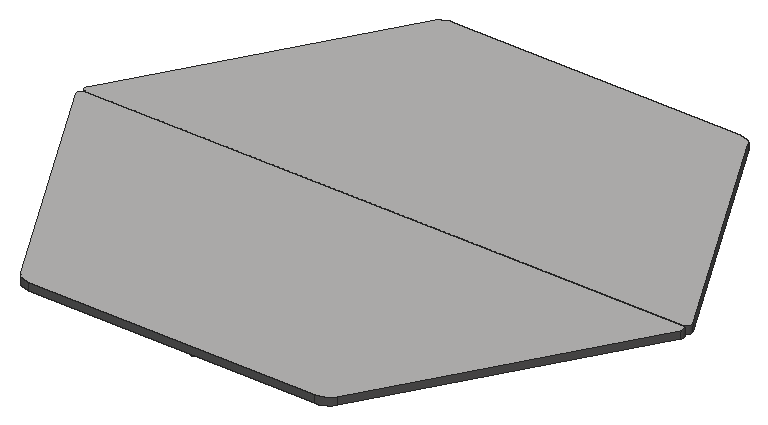
Revit family "22M 60 Hex", category Furniture, Revit 2016 (continued)
Automatic sketch dimensions
  Extrusion 27 sketch curve to Extrusion 27 sketch curve = 0' - 0.39569"
  Extrusion 27 sketch curve to Extrusion 27 sketch curve = 0' - 0.05587"
  Extrusion 27 sketch curve to Extrusion 27 sketch curve = 0' - 0 51/256"
  Extrusion 27 sketch curve to Extrusion 27 sketch curve = 0' - 1.26468"
  Extrusion 27 sketch curve to Extrusion 27 sketch curve = 0' - 1.54842"
  Extrusion 27 sketch curve to Extrusion 27 sketch curve = 0' - 1.61682"
  Extrusion 27 sketch curve to Extrusion 27 sketch curve = 0' - 1.12572"
  Extrusion 27 sketch curve to Extrusion 27 sketch curve = 0' - 0.44012"
  Extrusion 27 sketch curve to Extrusion 27 sketch curve = 0' - 2.13839"
  Extrusion 27 sketch curve to Extrusion 27 sketch curve = 0' - 0.484"
  Extrusion 27 sketch curve to Extrusion 27 sketch curve = 0' - 1.73205"
  Extrusion 27 sketch curve to Extrusion 27 sketch curve = 0' - 0.20852"
  Extrusion 28 sketch curve to plane 1 "Center Front/Back" = 0' - 0.77021"
  plane 6 to Extrusion 28 sketch curve = 0' - 0.2125"
  Extrusion 28 sketch curve to Extrusion 28 sketch curve = 0' - 7"
  Extrusion 28 sketch curve to Extrusion 28 sketch curve = 0' - 0.69123"
  Extrusion 28 sketch curve to Extrusion 28 sketch curve = 0' - 1.80877"
  Extrusion 28 sketch curve to Extrusion 28 sketch curve = 0' - 1.8538"
  Extrusion 28 sketch curve to Extrusion 28 sketch curve = 0' - 0.07475"
  Extrusion 28 sketch curve to Extrusion 28 sketch curve = 0' - 0.39569"
  Extrusion 28 sketch curve to Extrusion 28 sketch curve = 0' - 0.05587"
  Extrusion 28 sketch curve to Extrusion 28 sketch curve = 0' - 0 51/256"
  Extrusion 28 sketch curve to Extrusion 28 sketch curve = 0' - 1.26468"
  Extrusion 28 sketch curve to Extrusion 28 sketch curve = 0' - 1.54842"
  Extrusion 28 sketch curve to Extrusion 28 sketch curve = 0' - 1.61682"
  Extrusion 28 sketch curve to Extrusion 28 sketch curve = 0' - 1.12572"
  Extrusion 28 sketch curve to Extrusion 28 sketch curve = 0' - 0.44012"
  Extrusion 28 sketch curve to Extrusion 28 sketch curve = 0' - 2.13839"
  Extrusion 28 sketch curve to Extrusion 28 sketch curve = 0' - 0.484"
  Extrusion 28 sketch curve to Extrusion 28 sketch curve = 0' - 1.73205"
  Extrusion 28 sketch curve to Extrusion 28 sketch curve = 0' - 0.20852"
